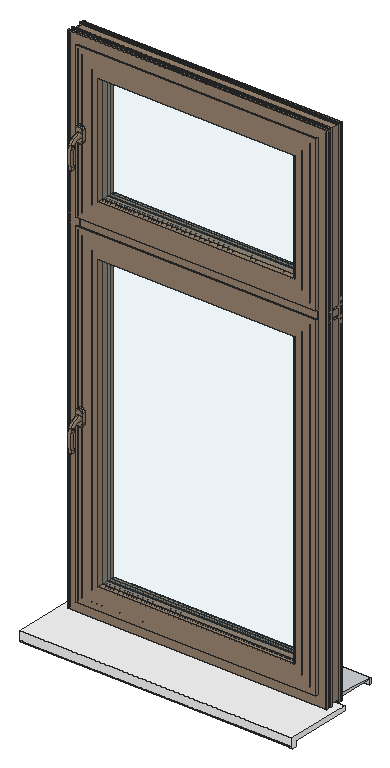
Revit family "2_Окно_двухстворчатое_с_горизонтальным_импостом_V72", category Окна, Revit 2019
Family settings
  Основа = Стена
  Номер OmniClass = 23.30.20.17.11
  Заголовок OmniClass = Fixed Windows
  Всегда вертикально = Да
  При загрузке вырезать с полостями = Нет
  Общий = Нет
  Точка расчета площади = Нет
Parameters (values of type "V72")
  Width [instance] = 0.00 mm  # constant formula
  Четверть.Ширина [instance] = 65.00 mm
  Четверть.Высота [instance] = 65.00 mm
  Четверть Правая.Видимость [instance] = yes
  Четверть Правая [instance] = if(and(Четверть Правая.Видимость, Четверть), Четверть.Ширина, 0.00 mm)  # 65.00 mm
  Четверть Левая.Видимость [instance] = yes
  Четверть Левая [instance] = if(and(Четверть Левая.Видимость, Четверть), Четверть.Ширина, 0.00 mm)  # 65.00 mm
  Четверть [instance] = yes
  Четверть.Верхняя [instance] = if(Четверть, Четверть.Высота, 0.00 mm)  # 65.00 mm
  Створка верхняя [instance] = СТВОРКА V72 : Поворотно-откидная право
  Монтажный зазор. Передний [instance] = 10.00 mm
  Монтаж.зазор Низ [instance] = 40.00 mm
  Монтажный зазор.Верх [instance] = 25.00 mm
  Створка нижняя [instance] = СТВОРКА V72 : Поворотная лево
  VIDNAL_Ширина проема [instance] = ADSK_Ширина рамы + Монтажный зазор.Правый + Монтажный зазор.Левый  # 1050.00 mm
  VIDNAL_Цвет конструкции = ""
  VIDNAL_Фурнитура [instance] = ""
  VIDNAL_Формула стеклопакета [instance] = ""
  VIDNAL_Толщина стеклопакета [instance] = ""
  VIDNAL_Сопротивление ветровой нагрузке = ""
  VIDNAL_Система профилей [instance] = "V72"  # constant formula
  VIDNAL_Площадь изделия [instance] = ADSK_Ширина рамы * ADSK_Высота рамы  # 2.00 m²
  VIDNAL_Звукоизоляция [instance] = ""
  VIDNAL_Высота проема [instance] = ADSK_Высота рамы + Монтажный зазор.Верх + Монтаж.зазор Низ  # 2065.00 mm
  VIDNAL_Створка высота [instance] = 1300.00 mm
  Глубина профиля [instance] = 72.00 mm
  Rough Width = 0.00 mm  # constant formula
  Rough Height = 0.00 mm  # constant formula
  Подоконник.Видимость [instance] = yes
  Подоконник = АС_Окна_ПВХСветлосерыйМатовый
  Отлив.Видимость [instance] = yes
  Откосы.Глубина [instance] = 150.00 mm
  Описание = "Окно"
  Обозначение = "ГОСТ 21519-2003"
  Наименование = ""
  Монтажный зазор.Правый [instance] = if(Четверть Правая.Видимость, Монтажный зазор.Боковой, 0.00 mm)  # 25.00 mm
  Монтажный зазор.Левый [instance] = if(Четверть Левая.Видимость, Монтажный зазор.Боковой, 0.00 mm)  # 25.00 mm
  Монтажный зазор.Боковой [instance] = 25.00 mm
  Марка проема [instance] = ""
  Model = ""
  Стекло = АС_Стекло
  Рама = Aluminum
  Отлив = АС_Металл_ОкрашенныйБелыйМатовый
  Type Comments = ""
  Assembly Code = ""
  Высота подоконника по умолчанию = 800.00 mm
  Wall Closure = (empty or 0)
  Height [instance] = 0.00 mm  # constant formula
  Аналитическая конструкция = "<Нет>"
  VIDNAL_Возухопроницаемость [instance] = ""
  VIDNAL_Водонепроницаемость [instance] = ""
  VIDNAL_Rприв. профиля со стеклопакетом [instance] = ""
  ADSK_Ширина рамы [instance] = 1000.00 mm
  ADSK_Позиция [instance] = ""
  ADSK_Завод-изготовитель [instance] = "VIDNAL"  # constant formula
  ADSK_Высота рамы [instance] = 2000.00 mm
Reference planes
  plane 1 "ПД": y = -40
  plane 2: z = 0
  plane 3 "Слева": x = -988.1
  plane 4 "Справа": x = 61.9
  plane 5 "Подоконник": z = 800
  plane 6 "ВЕРХ": z = 2865
  plane 7 "Внутренняя": y = -190
  plane 8 "Вставка окна": y = 32
  plane 9 "четверть прав": x = -3.1
  plane 10 "четверть верх": z = 2800
  plane 11 "рама лев": x = -963.1
  plane 12 "рама прав": x = 36.9
  plane 13 "рама верх": z = 2840
  plane 14: y = -240
  plane 15 "Подоконник, отлив": y = 12
  plane 16: y = 190
  plane 17 "отлив прав": y = 220
  plane 18 "TT": y = 42
  plane 19 "ось импоста гор": z = 2192.5
  plane 20 "рама низ": z = 840
  plane 21 "створка лев": x = -938.1
  plane 22 "низ створки ниж": z = 877.25
  plane 23 "верх створки ниж": z = 2177.25
  plane 24 "створка прав": x = 11.9
  plane 25 "низ створки верхней": z = 2207.75
  plane 26 "верх створки верхн": z = 2802.752
  plane 27 "четверть левая": x = -923.1
  plane 28 "уровень отлива": z = 820
Forms (mm)
  Extrusion 1, void, detail levels medium+fine
    sketch origin (0, 42, 0) x (0, 0, 1) y (-1, 0, 0)
      loop
        line (2865, -61.9) -> (2865, 988.1) -> (800, 988.1) -> (800, -61.9) -> (2865, -61.9)
    from 0 to 1000
  Extrusion 2, void
    sketch origin (0, 32, 0) x (0, 0, -1) y (-1, 0, 0)
      loop
        line (-2800, 3.1) -> (-800, 3.1) -> (-800, 923.1) -> (-2800, 923.1) -> (-2800, 3.1)
    from -100 to 500
  Sweep 3, solid, material "Aluminum" <- "Рама"
    path origin (0, 32, -30) x (0, 0, -1) y (-1, 0, 0)
      loop
        line (-2870, 963.1) -> (-2870, -36.9) -> (-870.003, -36.9) -> (-870.003, 963.1) -> (-2870, 963.1)
    profile "Профиль рамы V72 (R19) : Профиль рамы V72 (R19)" origin (-963.1, 32, 1840.002) x (-1, 0, 0) y (0, 1, 0)
      loop
        line (-37.021, -25.058) -> (-7.134, -25.058) -> (-7.134, -14) -> (-37.021, -14) -> (-37.021, -25.058)
      loop
        line (-37.021, -48) -> (-7.134, -48) -> (-7.134, -39.591) -> (-37.021, -39.591) -> (-37.021, -48)
      loop
        line (-37.021, -38.383) -> (-7.134, -38.383) -> (-7.134, -26.243) -> (-37.021, -26.243) -> (-37.021, -38.383)
      loop
        line (-7, -12.3) -> (-7, -1.5) -> (-37.498, -1.5) -> (-37.498, -12.3) -> (-7, -12.3)
      loop
        line (-6.748, -70.25) -> (-6.748, -49.75) -> (-37.248, -49.75) -> (-37.248, -70.25) -> (-6.748, -70.25)
      loop
        line (0.002, -72) -> (0.002, -67.879) -> (-1.998, -67.879) -> (-1.998, -70.25) -> (-4.998, -70.25) -> (-4.998, -52) -> (-1.998, -52) -> (-1.998, -53.5) -> (0.002, -53.5) -> (0.002, -48) -> (-1.998, -48) -> (-1.998, -50.25) -> (-4.996, -50.25) -> (-4.996, -13.988) -> (-1.997, -14) -> (-1.997, -15.5) -> (0.003, -15.5) -> (0.003, -11.5) -> (-1.497, -11.5) -> (-1.497, -12.5) -> (-5, -12.5) -> (-5, -1.5) -> (-1.5, -1.5) -> (-1.5, -2.5) -> (0, -2.5) -> (0, 0) -> (-65.998, 0) -> (-65.998, -4.2) -> (-58.998, -4.2) -> (-58.998, -1.5) -> (-38.998, -1.5) -> (-38.998, -12.5) -> (-41.998, -12.5) -> (-41.998, -10.908) -> (-43.998, -10.908) -> (-43.998, -15.5) -> (-41.998, -15.5) -> (-41.998, -14) -> (-38.998, -14) -> (-38.998, -50.25) -> (-41.998, -50.25) -> (-41.998, -48.52) -> (-43.998, -48.5) -> (-43.998, -53.5) -> (-41.998, -53.5) -> (-41.998, -52) -> (-38.998, -52) -> (-38.998, -70.25) -> (-41.998, -70.25) -> (-41.998, -67.978) -> (-43.998, -67.978) -> (-43.998, -72) -> (0.002, -72)
  Sweep 4, solid, material "Aluminum" <- "Рама"
    path origin (0, 32, 0) x (0, 0, -1) y (-1, 0, 0)
      loop
        line (-2192.5, 963.1) -> (-2192.5, -36.9)
    profile "Профиль импоста : Профиль импоста" origin (-463.1, 32, 2192.5) x (0, 0, -1) y (0, 1, 0)
      loop
        line (-15.25, -10) -> (-15.25, -48) -> (15.25, -48) -> (15.25, -10) -> (-15.25, -10)
      loop
        line (-15.25, -49.75) -> (-15.25, -70.25) -> (15.25, -70.25) -> (15.25, -49.75) -> (-15.25, -49.75)
      loop
        line (-15.25, -1.75) -> (-15.25, -8.25) -> (15.25, -8.25) -> (15.25, -1.75) -> (-15.25, -1.75)
      loop
        line (-44, 0) -> (-44, -4.2) -> (-35.5, -4.2) -> (-35.5, -1.5) -> (-17, -1.5) -> (-17, -8.5) -> (-20, -8.5) -> (-20, -7.5) -> (-22, -7.5) -> (-22, -11.5) -> (-20, -11.5) -> (-20, -10) -> (-17, -10) -> (-17, -14.231) -> (-20.5, -14.231) -> (-20.5, -18.313) -> (-18.5, -18.313) -> (-18.5, -16.063) -> (-17, -16.063) -> (-17, -33.174) -> (-18.5, -33.174) -> (-18.5, -30.924) -> (-20.5, -30.924) -> (-20.5, -35.006) -> (-17, -35.006) -> (-17, -50.25) -> (-20, -50.25) -> (-20, -48) -> (-22, -48) -> (-22, -54.8) -> (-20, -54.8) -> (-20, -52.31) -> (-17, -52.31) -> (-17, -70.25) -> (-20, -70.25) -> (-20, -66.8) -> (-22, -66.8) -> (-22, -72) -> (22, -72) -> (22, -66.8) -> (20, -66.8) -> (20, -70.25) -> (17, -70.25) -> (17, -52.31) -> (20, -52.31) -> (20, -54.8) -> (22, -54.8) -> (22, -48) -> (20, -48) -> (20, -50.25) -> (17, -50.25) -> (17, -35.006) -> (20.5, -35.006) -> (20.5, -30.924) -> (18.5, -30.924) -> (18.5, -33.174) -> (17, -33.174) -> (17, -16.063) -> (18.5, -16.063) -> (18.5, -18.313) -> (20.5, -18.313) -> (20.5, -14.231) -> (17, -14.231) -> (17, -10) -> (20, -10) -> (20, -11.5) -> (22, -11.5) -> (22, -7.5) -> (20, -7.5) -> (20, -8.5) -> (17, -8.5) -> (17, -1.5) -> (35.5, -1.5) -> (35.5, -4.2) -> (44, -4.2) -> (44, 0) -> (-44, 0)
  Extrusion 5, solid, material "АС_Окна_ПВХСветлосерыйМатовый" <- "Подоконник", visible <- "Подоконник.Видимость"
    sketch origin (906.9, -410, 45) x (0, 0, 1) y (0, -1, 0)
      loop
        line (795, -422) -> (795, -170) -> (762, -170)
        arc (762, -170) -> (757.05, -172.05) -> (755, -177) r 7
        line (755, -177) -> (755, -188.375) -> (775, -188.375) -> (775, -422) -> (795, -422)
    from -845 to -1895
  Extrusion 6, solid, visible <- "Отлив.Видимость"
    sketch origin (-918.1, 44.774, 211.776) x (0, 1, 0) y (0, 0, 1)
      loop
        line (-32.774, 608.224) -> (170.226, 608.224) -> (170.226, 588.224) -> (175.226, 588.224) -> (175.226, 611.239) -> (-32.774, 624.352) -> (-32.774, 608.224)
    from -5 to 915
Cuts and joins
  joined: Sweep 3, Sweep 4
Lines and regions (mm)
  Masking region 1
    outline origin (0, 0, 0) x (1, 0, 0) y (0, 1, 0)
      loop
        line (-988.1, 12) -> (-988.1, -190) -> (61.9, -190) -> (61.9, 12) -> (-988.1, 12)
  symbolic lines, style "WindowsFrameMullionProjection", detail levels fine
    curve 1: line (-163.1, 32, 800) -> (-163.1, -40, 800)
    curve 3: line (-163.1, -40, 820) -> (-163.1, 32, 820)
    curve 5: line (-163.1, 32, 2865) -> (-163.1, -40, 2865)
    curve 7: line (-163.1, -40, 2840) -> (-163.1, 32, 2840)
  symbolic lines, style "WindowsFrameMullionProjection"
    curve 2: line (-163.1, 32, 820) -> (-163.1, 32, 800)
    curve 4: line (-163.1, -40, 800) -> (-163.1, -40, 820)
    curve 6: line (-163.1, 32, 2840) -> (-163.1, 32, 2865)
    curve 8: line (-163.1, -40, 2865) -> (-163.1, -40, 2840)
    curve 11: line (-988.1, 32, 0) -> (-988.1, -40, 0)
    curve 12: line (61.9, 32, 0) -> (61.9, -40, 0)
  symbolic lines, style "WindowsFrameMullionProjection", detail levels coarse
    curve 9: line (61.9, 32, 2865) -> (61.9, 32, 800)
    curve 10: line (61.9, -53.013, 2865) -> (61.9, -53.013, 800)
  model lines
    curve 13: line (-988.1, 12, 800) -> (-988.1, 12, 840)
    curve 14: line (61.9, 12, 800) -> (-988.1, 12, 800)
    curve 15: line (61.9, 12, 840) -> (61.9, 12, 800)
Text (mm)
  text "Наружный" at (-2011.448, 646.123, 0), in view "Линия этажа"
  text "Внутренний" at (-2011.448, -562.523, 0), in view "Линия этажа"
  text "Наружный" at (0, 1108.87, 3415.022), in view "Слева"
  text "Наружный" at (0, 464.664, 3176.206), in view "Справа"
Dimensions and locks
  plane 3 "Слева" to plane 4 "Справа" = 1050.00 mm
  "Монтажный зазор.Правый": plane 12 "рама прав" to plane 4 "Справа"
  plane 5 "Подоконник" to plane 5 "Подоконник" = 0.00 mm
  "Высота подоконника по умолчанию": plane 5 "Подоконник" to plane 2
  "Четверть.Верхняя": plane 10 "четверть верх" to plane 6 "ВЕРХ"
  "ADSK_Ширина рамы": plane 11 "рама лев" to plane 12 "рама прав"
  "Четверть Правая": plane 9 "четверть прав" to plane 4 "Справа"
  "Глубина профиля": plane 8 "Вставка окна" to plane 1 "ПД"
  "Откосы.Глубина": plane 1 "ПД" to plane 7 "Внутренняя"
  locked: plane 14 to plane 7 "Внутренняя" at 50
  "Монтажный зазор.Левый": plane 3 "Слева" to plane 11 "рама лев"
  "Монтажный зазор.Верх": plane 13 "рама верх" to plane 6 "ВЕРХ"
  locked: plane 8 "Вставка окна" to plane 15 "Подоконник, отлив" at 20
  plane 18 "TT" to plane 8 "Вставка окна" = 10.00 mm
  "Монтаж.зазор Низ": plane 20 "рама низ" to plane 5 "Подоконник"
  locked: plane 11 "рама лев" to plane 21 "створка лев" at 25
  "VIDNAL_Створка высота": plane 23 "верх створки ниж" to plane 22 "низ створки ниж"
  locked: plane 22 "низ створки ниж" to plane 20 "рама низ" at 37.25
  locked: plane 19 "ось импоста гор" to plane 23 "верх створки ниж" at 15.25
  locked: plane 24 "створка прав" to plane 12 "рама прав" at 25
  "ADSK_Высота рамы": plane 13 "рама верх" to plane 20 "рама низ"
  locked: plane 25 "низ створки верхней" to plane 19 "ось импоста гор" at 15.25
  locked: plane 13 "рама верх" to plane 26 "верх створки верхн" at 37.248
  "Четверть Левая": plane 3 "Слева" to plane 27 "четверть левая"
  "Монтажный зазор. Передний": plane 8 "Вставка окна" to plane 18 "TT"
  locked: plane 20 "рама низ" to plane 28 "уровень отлива" at 20
  Extrusion 5 sketch curve to Extrusion 5 sketch curve = 40.00 mm
  Extrusion 5 sketch curve to Extrusion 5 sketch curve = 20.00 mm
  plane 16 to plane 17 "отлив прав" = 30.00 mm
  locked: Extrusion 6 to Extrusion 6 at 5
  aligned and locked: plane 7 "Внутренняя" to host wall
  aligned and locked: plane 9 "четверть прав" to Extrusion 2 sketch curve
  aligned and locked: Extrusion 2 sketch curve to plane 10 "четверть верх"
  aligned and locked: plane 5 "Подоконник" to Extrusion 2 sketch curve
  aligned: Extrusion 2 sketch curve to plane 3 "Слева"
  aligned and locked: curve 2 to plane 8 "Вставка окна"
  aligned and locked: curve 5 to plane 6 "ВЕРХ"
  aligned and locked: plane 8 "Вставка окна" to curve 6
  aligned and locked: plane 4 "Справа" to curve 12
  aligned and locked: level to plane 2
  aligned and locked: plane 12 "рама прав" to Sweep 3 sketch curve
  aligned and locked: plane 11 "рама лев" to Sweep 3 sketch curve
  aligned and locked: Masking region 1 sketch curve to plane 3 "Слева"
  aligned and locked: plane 7 "Внутренняя" to Masking region 1 sketch curve
  aligned and locked: plane 4 "Справа" to Masking region 1 sketch curve
  aligned and locked: Sweep 4 sketch curve to plane 19 "ось импоста гор"
  aligned and locked: nested 1 to plane 8 "Вставка окна"
  aligned and locked: plane 13 "рама верх" to Sweep 3 sketch curve
  aligned and locked: nested 2 to plane 8 "Вставка окна"
  aligned and locked: plane 27 "четверть левая" to Extrusion 2 sketch curve
  aligned and locked: plane 15 "Подоконник, отлив" to Masking region 1 sketch curve
  aligned and locked: Extrusion 5 to plane 15 "Подоконник, отлив"
  aligned and locked: Extrusion 5 to plane 14
  aligned and locked: Extrusion 5 to plane 4 "Справа"
  aligned and locked: plane 3 "Слева" to Extrusion 5
  aligned and locked: plane 17 "отлив прав" to Extrusion 6
  aligned and locked: plane 15 "Подоконник, отлив" to Extrusion 6
  aligned and locked: plane 27 "четверть левая" to Extrusion 6
  aligned and locked: Extrusion 6 to plane 9 "четверть прав"
  aligned and locked: nested 2 to cut or joined group of Sweep 3, Sweep 4  (x3)
  aligned and locked: plane 25 "низ створки верхней" to nested 2
  aligned and locked: nested 1 to plane 23 "верх створки ниж"
  aligned and locked: nested 1 to cut or joined group of Sweep 3, Sweep 4  (x3)
  aligned and locked: plane 26 "верх створки верхн" to nested 2
Automatic sketch dimensions
  plane 12 "рама прав" to Sweep 4 sketch curve = 0.00 mm
  Sweep 4 sketch curve to plane 11 "рама лев" = 0.00 mm
  plane 4 "Справа" to Extrusion 1 sketch curve = 0.00 mm
  Extrusion 1 sketch curve to plane 5 "Подоконник" = 0.00 mm
  Extrusion 1 sketch curve to plane 6 "ВЕРХ" = 0.00 mm
  plane 3 "Слева" to Extrusion 1 sketch curve = 0.00 mm
  plane 1 "ПД" to curve 11 = 0.00 mm
  curve 11 to plane 3 "Слева" = 0.00 mm
  plane 1 "ПД" to curve 12 = 0.00 mm
  curve 12 to plane 8 "Вставка окна" = 0.00 mm
  curve 11 to plane 8 "Вставка окна" = 0.00 mm
  plane 4 "Справа" to curve 15 = 0.00 mm
  curve 15 to plane 5 "Подоконник" = 0.00 mm
  curve 15 to plane 20 "рама низ" = 0.00 mm
  plane 3 "Слева" to curve 13 = 0.00 mm
  curve 13 to plane 20 "рама низ" = 0.00 mm
  plane 5 "Подоконник" to Extrusion 5 sketch curve = 0.00 mm
  Extrusion 5 sketch curve to plane 14 = 0.00 mm
  Extrusion 5 sketch curve to plane 15 "Подоконник, отлив" = 0.00 mm
  Extrusion 5 sketch curve to plane 5 "Подоконник" = 7.00 mm
  Extrusion 5 sketch curve to Extrusion 5 sketch curve = 11.375 mm
  Extrusion 6 sketch curve to plane 15 "Подоконник, отлив" = 0.00 mm
  Extrusion 6 sketch curve to plane 5 "Подоконник" = 20.00 mm
  plane 17 "отлив прав" to Extrusion 6 sketch curve = 5.00 mm
  Extrusion 6 sketch curve to plane 17 "отлив прав" = 0.00 mm
  Extrusion 6 sketch curve to Extrusion 6 sketch curve = 20.00 mm
  Extrusion 6 sketch curve to plane 5 "Подоконник" = 23.015 mm
  plane 28 "уровень отлива" to Extrusion 6 sketch curve = 16.128 mm
  plane 5 "Подоконник" to curve 9 = 0.00 mm
  curve 9 to plane 8 "Вставка окна" = 0.00 mm
  plane 5 "Подоконник" to curve 10 = 0.00 mm
  plane 6 "ВЕРХ" to curve 10 = 0.00 mm
  plane 6 "ВЕРХ" to curve 9 = 0.00 mm
  plane 1 "ПД" to curve 10 = 13.013 mm
  curve 6 to plane 8 "Вставка окна" = 0.00 mm
  curve 3 to plane 20 "рама низ" = 20.00 mm
  plane 5 "Подоконник" to curve 1 = 0.00 mm
  curve 8 to plane 1 "ПД" = 0.00 mm
  curve 1 to plane 1 "ПД" = 0.00 mm
  plane 20 "рама низ" to Sweep 3 sketch curve = 0.003 mm
  curve 8 to plane 13 "рама верх" = 0.00 mm
Nested families
  nested 1: "СТВОРКА V72" at (-925.852, 32, 877.251), type "Поворотно-откидная право"
    with Створка.Ширина 925.505 mm, Створка.Высота 1299.999 mm
  nested 2: "СТВОРКА V72" at (-925.852, 32, 2207.75), type "Поворотно-откидная право"
    with Створка.Ширина 925.505 mm, Створка.Высота 595.002 mm
Definition of nested family "СТВОРКА V72"
  Parameters (values of type "Фрамуга с верхним откидыванием")
    отк нз = no
    отк лев = no
    отк ввер = yes
    от пр = no
    Стекло = none
    Створка.Ширина [instance] = 600.00 mm
    Створка.Высота [instance] = 891.00 mm
    Створка VIDNAL = none
    Ручка.Справа = no
    Ручка.Снизу = no
    Ручка.Слева = no
    Ручка.Сверху = yes
    Открытие = not(Глухая)  # yes
    Глухая = no
    Габариты заполнения = 0.00 mm
    Analytic Construction = "<Нет>"
  Types (6, lengths in mm): name | отк лев | отк ввер | от пр | Створка.Высота | Ручка.Справа | Ручка.Слева | Ручка.Сверху | Открытие | Глухая
    Глухая | no | no | no | 891.00 | no | no | no | no | yes
    Поворотная право | no | no | yes | 900.00 | no | yes | no | yes | no
    Поворотная лево | yes | no | no | 900.00 | yes | no | no | yes | no
    Поворотно-откидная лево | yes | yes | no | 900.00 | yes | no | no | yes | no
    Поворотно-откидная право | no | yes | yes | 900.00 | no | yes | no | yes | no
    Фрамуга с верхним откидыванием | no | yes | no | 891.00 | no | no | yes | yes | no
  Reference planes
    plane 1 "Center (Front/Back)": y = 0
    plane 2 "Bottom": z = 0
    plane 3 "Left": x = 0
    plane 4 "Right": x = 600
    plane 5 "Top": z = 891
    plane 6: z = 445.5
    plane 7: x = 300
    plane 8: x = 0
    plane 9: x = 600
    plane 10: y = -17.2
    plane 11: y = -57.2
    plane 12: z = 891
    plane 13: z = 0
    plane 14: y = -81
    plane 15: y = -17.2
  Forms (mm)
    Extrusion 1, solid, material <- "Стекло"
      sketch origin (160, -17.2, 825.5) x (0, 0, -1) y (-1, 0, 0)
        loop
          line (825.5, 160) -> (-65.5, 160) -> (-65.5, -440) -> (825.5, -440) -> (825.5, 160)
      from -40 to 0
    Sweep 2, solid, material <- "Створка VIDNAL", visible <- "Открытие"
      path origin (0, 0, 0) x (1, 0, 0) y (0, 0, 1)
        loop
          line (0, 891) -> (0, 0) -> (600, 0) -> (600, 891) -> (0, 891)
      profile "Профиль створки V72 : Профиль створки V72" origin (300, 0, 891) x (0, 0, 1) y (0, -1, 0)
        loop
          line (-27.1, 14.3) -> (-57.6, 14.3) -> (-57.6, 1.5) -> (-37, 1.5) -> (-37, 7) -> (-27.1, 7) -> (-27.1, 14.3)
        loop
          line (-57.508, 23.909) -> (-57.508, 16) -> (-31.105, 16) -> (-31.105, 23.909) -> (-57.508, 23.909)
        loop
          line (-57.508, 26.549) -> (-31.105, 26.549) -> (-31.105, 36.954) -> (-57.508, 36.954) -> (-57.508, 26.549)
        loop
          line (-57.514, 39.773) -> (-31.105, 39.773) -> (-31.105, 50) -> (-57.514, 50) -> (-57.514, 39.773)
        loop
          line (-56, 79.25) -> (-59, 79.25) -> (-59, 76.151) -> (-62.7, 76.151) -> (-62.7, 79.6) -> (-81.6, 79.6) -> (-81.6, 65.6) -> (-76, 65.6) -> (-66, 63.8) -> (-59, 63.8) -> (-59, 59) -> (-56, 59) -> (-56, 79.25)
        loop
          line (-18.843, 32.487) -> (-29.504, 32.487) -> (-29.504, 24.689) -> (-18.843, 24.689) -> (-18.843, 32.487)
        loop
          line (-18.87, 44.01) -> (-29.504, 44.01) -> (-29.504, 33.802) -> (-18.87, 33.802) -> (-18.87, 44.01)
        loop
          line (-23.75, 79.25) -> (-54.25, 79.25) -> (-54.25, 58.75) -> (-51.75, 58.75) -> (-51.75, 57) -> (-57.75, 57) -> (-57.75, 51.75) -> (-23.75, 51.75) -> (-23.75, 57) -> (-25.75, 57) -> (-25.75, 58.75) -> (-23.75, 58.75) -> (-23.75, 79.25)
        loop
          line (-3.5, 76.8) -> (-3.5, 72) -> (0, 72) -> (0, 76.8) -> (0, 81) -> (-1, 81) -> (-83.302, 81) -> (-83.302, 61.361) -> (-76, 61.21) -> (-76, 64.381) -> (-66.107, 62.5) -> (-61, 62.5) -> (-61, 57) -> (-59.5, 57) -> (-59.5, 1.5) -> (-75, 1.5) -> (-81.5, 8) -> (-81.5, 13.054) -> (-74.5, 13.054) -> (-74.5, 17.2) -> (-83, 17.2) -> (-83, 7) -> (-76, 0) -> (-35.5, 0) -> (-35.5, 5.5) -> (-28, 5.5) -> (-28, 4.195) -> (-21, 4.195) -> (-21, 5.5) -> (-25.5, 5.5) -> (-25.5, 23.5) -> (-17.5, 23.5) -> (-17.5, 45.156) -> (-25.2, 45.156) -> (-25.2, 50) -> (-17.5, 50) -> (-17.5, 54.5) -> (-19, 54.5) -> (-19, 52) -> (-22, 52) -> (-22, 72) -> (-19, 72) -> (-19, 69.5) -> (-17.5, 69.5) -> (-17.5, 74) -> (-22, 74) -> (-22, 79.25) -> (-7, 79.25) -> (-7, 76.8) -> (-3.5, 76.8)
  Lines and regions (mm)
    symbolic lines, visible <- "Глухая"
      curve 1: line (300, 0, 495.5) -> (300, 0, 395.5)
      curve 2: line (250, 0, 445.5) -> (350, 0, 445.5)
    symbolic lines, visible <- "от пр"
      curve 3: line (583, -75, 874) -> (17, -75, 445.5)
      curve 4: line (17, -75, 445.5) -> (583, -75, 17)
    symbolic lines, visible <- "отк лев"
      curve 5: line (17, -75, 17) -> (583, -75, 445.5)
      curve 6: line (583, -75, 445.5) -> (17, -75, 874)
    symbolic lines, visible <- "отк ввер"
      curve 7: line (17, -75, 17) -> (300, -75, 874)
      curve 8: line (300, -75, 874) -> (583, -75, 17)
    symbolic lines, visible <- "отк нз"
      curve 9: line (17, -75, 874) -> (300, -75, 17)
      curve 10: line (300, -75, 17) -> (583, -75, 874)
  Dimensions and locks
    "Створка.Ширина": plane 4 "Right" to plane 3 "Left"
    "Створка.Высота": plane 5 "Top" to plane 2 "Bottom"
    equal spacing: plane 3 "Left", curve 1, plane 4 "Right"
    equal spacing: plane 5 "Top", curve 2, plane 2 "Bottom"
    curve 1 to curve 2 to curve 1 = 50.00 mm locked, 50.00 mm locked
    curve 2 to curve 1 to curve 2 = 50.00 mm locked, 50.00 mm locked
    equal spacing: plane 5 "Top", plane 6, plane 2 "Bottom"
    equal spacing: plane 4 "Right", plane 7, plane 3 "Left"
    locked: plane 5 "Top" to nested 1 at 23
    "Габариты заполнения": plane 3 "Left" to plane 8
    "Габариты заполнения": plane 9 to plane 4 "Right"
    "Габариты заполнения": plane 13 to plane 2 "Bottom"
    "Габариты заполнения": plane 5 "Top" to plane 12
    locked: nested 4 to plane 2 "Bottom" at 23
    locked: nested 3 to plane 4 "Right" at 23
    locked: plane 3 "Left" to nested 2 at 23
    plane 15 to Extrusion 1 = 40.00 mm
    aligned and locked: level to plane 2 "Bottom"
    aligned and locked: plane 6 to curve 4
    aligned and locked: plane 6 to curve 6
    aligned and locked: plane 7 to curve 8
    aligned and locked: plane 7 to curve 10
    aligned and locked: plane 3 "Left" to Sweep 2 sketch curve
    aligned and locked: plane 4 "Right" to Sweep 2 sketch curve
    aligned and locked: Extrusion 1 to plane 8
    aligned and locked: Extrusion 1 to plane 10
    aligned and locked: Extrusion 1 to plane 11
    aligned and locked: nested 1 to plane 7
    aligned and locked: plane 9 to Extrusion 1
    aligned and locked: plane 12 to Extrusion 1
    aligned and locked: nested 3 to plane 6
    aligned and locked: nested 2 to plane 6
    aligned and locked: plane 7 to nested 4
    aligned and locked: plane 2 "Bottom" to Extrusion 1
    aligned and locked: Sweep 2 sketch curve to plane 12
    aligned and locked: Sweep 2 sketch curve to Extrusion 1
  Automatic sketch dimensions
    plane 8 to curve 6 = 17.00 mm
    plane 8 to curve 5 = 17.00 mm
    plane 8 to curve 4 = 17.00 mm
    curve 8 to plane 9 = 17.00 mm
    curve 5 to plane 9 = 17.00 mm
    curve 3 to plane 9 = 17.00 mm
    plane 13 to curve 10 = 17.00 mm
    plane 13 to curve 5 = 17.00 mm
    plane 13 to curve 4 = 17.00 mm
    curve 8 to plane 12 = 17.00 mm
    curve 9 to plane 12 = 17.00 mm
    curve 3 to plane 12 = 17.00 mm
    Extrusion 1 sketch curve to plane 3 "Left" = 0.00 mm
    Extrusion 1 sketch curve to plane 5 "Top" = 0.00 mm
    level to Extrusion 1 sketch curve = 0.00 mm
    plane 4 "Right" to Extrusion 1 sketch curve = 0.00 mm
  Nested families
    nested 1: "Ручка" at (300, -81, 868) x (1, 0, 0) z (0, -1, 0), visible <- "Ручка.Сверху", type "Ручка"
    nested 2: "Ручка" at (23, -81, 445.5) x (0, 0, -1) z (0, -1, 0), visible <- "Ручка.Слева", type "Ручка"
    nested 3: "Ручка" at (577, -81, 445.5) x (0, 0, -1) z (0, -1, 0), visible <- "Ручка.Справа", type "Ручка"
    nested 4: "Ручка" at (300, -81, 23) x (1, 0, 0) z (0, -1, 0), visible <- "Ручка.Снизу", type "Ручка"
  Definition of nested family "Ручка"
    Parameters (values of type "Ручка")
      Default Elevation = 1219.20 mm
      Ручка = none
      Analytic Construction = "<None>"
    Reference planes
      plane 1 "По центру (Вперед/Назад)": y = 0
      plane 2: z = 0
      plane 3 "По центру (Влево/Вправо)": x = 0
    Forms (mm)
      Extrusion 1, solid
        sketch origin (0, 0, 0) x (1, 0, 0) y (0, 1, 0)
          loop
            line (-1219.2, 1219.2) -> (-1219.2, -1219.2) -> (1219.2, -1219.2) -> (1219.2, 1219.2) -> (-1219.2, 1219.2)
        from 0 to -304.8
      Extrusion 2, solid, material <- "Ручка"
        sketch origin (0, 0, 0) x (1, 0, 0) y (0, 1, 0)
          loop
            arc (-18, 14) -> (-32, 0) -> (-18, -14) r 14
            line (-18, -14) -> (18, -14)
            arc (18, -14) -> (32, 0) -> (18, 14) r 14
            line (18, 14) -> (-18, 14)
        from 2 to 10
      SweptBlend 3, solid, material <- "Ручка"
        path origin (0, 0, 0) x (1, 0, 0) y (0, 0, 1)
          loop
            arc (20.682, 50.862) -> (5.492, 34.011) -> (0, 12) r 46.852
        profile origin (20.682, 0, 50.862) x (0.558567, 0, -0.829459) y (0, -1, 0)
          loop
            line (-6, 5.292) -> (-6, -5.292)
            arc (-6, -5.292) -> (8, 0) -> (-6, 5.292) r 8
        end profile origin (0, 0, 12) x (0, -1, 0) y (1, 0, 0)
          loop
            arc (4.359, -9) -> (0, 10) -> (-4.359, -9) r 10
            line (-4.359, -9) -> (4.359, -9)
      Blend 4, solid, material <- "Ручка"
        base sketch origin (0, 0, 10) x (1, 0, 0) y (0, 1, 0)
          loop
            line (-18, -14) -> (18, -14)
            arc (18, -14) -> (32, 0) -> (18, 14) r 14
            line (18, 14) -> (-18, 14)
            arc (-18, 14) -> (-32, 0) -> (-18, -14) r 14
        top sketch origin (0, 0, 10) x (1, 0, 0) y (0, 1, 0)
          loop
            line (-18, -12) -> (18, -12)
            arc (18, -12) -> (30, 0) -> (18, 12) r 12
            line (18, 12) -> (-18, 12)
            arc (-18, 12) -> (-30, 0) -> (-18, -12) r 12
        from 0 to 2
      Blend 5, solid, material <- "Ручка"
        base sketch origin (0, 0, 2) x (1, 0, 0) y (0, 1, 0)
          loop
            line (-18, -14) -> (18, -14)
            arc (18, -14) -> (32, 0) -> (18, 14) r 14
            line (18, 14) -> (-18, 14)
            arc (-18, 14) -> (-32, 0) -> (-18, -14) r 14
        top sketch origin (0, 0, 2) x (1, 0, 0) y (0, 1, 0)
          loop
            line (-18, -12) -> (18, -12)
            arc (18, -12) -> (30, 0) -> (18, 12) r 12
            line (18, 12) -> (-18, 12)
            arc (-18, 12) -> (-30, 0) -> (-18, -12) r 12
        from 0 to -2
      SweptBlend 6, solid, material <- "Ручка"
        path origin (61.806, 0, 18.443) x (1, 0, 0) y (0, 0, 1)
          loop
            arc (-43.225, 31.526) -> (-2.327, 35.833) -> (38.57, 31.526) r 196.318
        profile origin (18.581, 0, 49.97) x (-0.208324, 0, 0.97806) y (0, -1, 0)
          loop
            line (6, -5.292) -> (6, 5.292)
            arc (6, 5.292) -> (-8, 0) -> (6, -5.292) r 8
        end profile origin (100.377, 0, 49.97) x (0.208324, 0, 0.97806) y (0, -1, 0)
          loop
            line (6, -5.292) -> (6, 5.292)
            arc (6, 5.292) -> (-8, 0) -> (6, -5.292) r 8
    Cuts and joins
      joined: Extrusion 2, Blend 4, Blend 5, SweptBlend 6
    Lines and regions (mm)
      symbolic lines
        curve 1: line (-32, 0, 0) -> (32, 0, 0)
        curve 2: line (0, 14, 0) -> (0, -14, 0)
        curve 3: line (-32, 0, 0) -> (32, 0, 0)
    Dimensions and locks
      aligned and locked: plane 2 to Extrusion 1
      aligned and locked: level to Extrusion 1
